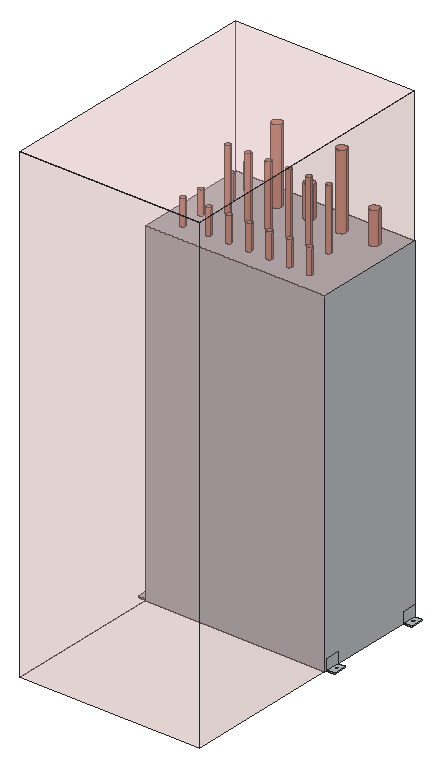
Revit family "CMB-WM500F-AA", category 機械設備, Revit 2016
Family settings
  パーツ タイプ = 標準
  丸型コネクタ寸法 = 半径を使用
  OmniClass 番号 = 23.75.00.00
  OmniClass タイトル = Climate Control (HVAC)
  作業面に基づく = いいえ
  常に垂直 = はい
  ロード時にボイドで切り取り = いいえ
  共有 = いいえ
  部屋の計算ポイント = いいえ
Parameters (values of type "CMB-WM500F-AA_230V_60Hz")
  説明 = "HBC"
  Water piping diameter To Sub HBC(O.D.) = 42.000 mm
  Water piping diameter To Indoor unit(O.D.) = 22.000 mm
  WarrantyStart = ""
  TagNumber = 0
  Space View = yes
  Sound Pressure Level (dB(A)) = 54
  SerialNumber = 0
  ReplacementYear = ""
  モデル = "CMB-WM500F-AA"
  Width = 800.000 mm
  Voltage = 230 V
  Unit Weight (kg) = 209
  URL = "http://www.mitsubishielectric.com/"
  Subcategory = "HVAC"
  Phase = 1
  製造元 = "Mitsubishi Electric Corporation"
  Number of branch = 6
  InstallationDate = ""
  Indoor unit capacity connectable to 1 branch = "Model WP/W/WL80 or smaller (Use optional joint pipe combining 2 branches when the total unit capacity exceeds WP/W/WL80.)"
  Hertz = 60 Hz
  Height = 1500.000 mm
  Heating Power Input (kW) = 1.5
  Heating Current (A) = 6.52
  Field pipe size[W/WP/WL81-100](Max 20m/40m/60m)(I.D.) = "25.2/25.2/32.6"
  Field pipe size[W/WP/WL64-80](Max 20m/40m/60m)(I.D.) = "25.2/25.2/25.2"
  Field pipe size[W/WP/WL51-63](Max 20m/40m/60m)(I.D.) = "19.9/25.2/25.2"
  Field pipe size[W/WP/WL33-50](Max 20m/40m/60m)(I.D.) = "19.9/19.9/19.9"
  Field pipe size[W/WP/WL301-750](Max 20m/40m/60m)(I.D.) = "50.8/50.8/50.8"
  Field pipe size[W/WP/WL26-32](Max 20m/40m/60m)(I.D.) = "15.5/19.9/19.9"
  Field pipe size[W/WP/WL251-300](Max 20m/40m/60m)(I.D.) = "32.6/39.6/50.8"
  Field pipe size[W/WP/WL16-25](Max 20m/40m/60m)(I.D.) = "15.5/15.5/15.5"
  Field pipe size[W/WP/WL151-250](Max 20m/40m/60m)(I.D.) = "32.6/32.6/39.6"
  Field pipe size[W/WP/WL11-15](Max 20m/40m/60m)(I.D.) = "12/12/15.5"
  Field pipe size[W/WP/WL10](Max 20m/40m/60m)(I.D.) = "12/12/12"
  Field pipe size[W/WP/WL101-150](Max 20m/40m/60m)(I.D.) = "32.6/32.6/32.6"
  External Finish = "Galvanized steel plate"
  Equip_description = ""
  Equip_No. = 0
  Equip_ID = ""
  Drain pipe_radius = 13.350 mm
  Description = ""
  Depth = 500.000 mm
  CreatedOn = ""
  CreatedBy = ""
  Cooling Power Input (kW) = 1.5
  Cooling Current (A) = 6.52
  Connection pipe of outdoor/heat source unit to M400/M450/M500(Low press. Pipe)(O.D.) = 28.580 mm
  Connection pipe of outdoor/heat source unit to M400/M450/M500(High press. Pipe)(O.D.) = 19.050 mm
  Connectable Outdoor/Heat source Unit Capacity = "PURY-M400~500YNW-A1(-BS)/PURY-EM400~500YNW-A1(-BS)"
  Category = ""
  Barcode = ""
  AssetIdentifier = ""
Types (6, lengths in mm): name | Voltage | Hertz | Heating Current (A) | Cooling Current (A)
  CMB-WM500F-AA_220V_50Hz | 220 V | 50 Hz | 6.82 | 6.82
  CMB-WM500F-AA_220V_60Hz | 220 V | 60 Hz | 6.82 | 6.82
  CMB-WM500F-AA_230V_50Hz | 230 V | 50 Hz | 6.52 | 6.52
  CMB-WM500F-AA_230V_60Hz | 230 V | 60 Hz | 6.52 | 6.52
  CMB-WM500F-AA_240V_50Hz | 240 V | 50 Hz | 6.25 | 6.25
  CMB-WM500F-AA_240V_60Hz | 240 V | 60 Hz | 6.25 | 6.25
Reference planes
  plane 1 "Center (Front/Back)": y = 0
  plane 2: z = 0
  plane 3 "Center (Left/Right)": x = 0
  plane 4: z = 1500
  plane 5: x = 18.001
  plane 6: x = -1461.999
  plane 7: y = 964.254
  plane 8: y = 1626.254
  plane 9: y = 1626.254
  plane 10: y = 1626.254
  plane 11: y = 226.254
  plane 12: y = -423.746
  plane 13: y = 250
  plane 14: y = -250
  plane 15: y = 149
  plane 16: y = 2
  plane 17: y = -161
  plane 18: x = 300
  plane 19: x = 155
  plane 20: x = 215
  plane 21: x = 260
  plane 22: x = -286
  plane 23: y = 84
  plane 24: y = 174
  plane 25: x = -301
  plane 26: y = -166
  plane 27: y = -66
  plane 28: y = -212
  plane 29: x = -400
  plane 30: x = 400
Forms (mm)
  Extrusion 1, solid, material "Plated steel"
    sketch origin (-719.999, 27.212, 4152.985) x (-1, 0, 0) y (0, -1, 0)
      loop
        line (-1119.999, 277.212) -> (-1119.999, -222.788) -> (-319.999, -222.788) -> (-319.999, 277.212) -> (-1119.999, 277.212)
    from -4152.985 to -2652.985
  Extrusion 2, solid, material "Service space", visible <- "Space View"
    sketch origin (1.445, 1.254, 5670) x (1, 0, 0) y (0, 1, 0)
      loop
        line (398.555, -951.254) -> (398.555, 248.746) -> (-401.445, 248.746) -> (-401.445, -951.254) -> (398.555, -951.254)
    from -5670 to -3570
  Extrusion 3, solid, material "Copper"
    sketch origin (-719.999, 26.712, 1500) x (-1, 0, 0) y (0, -1, 0)
      loop
        circle (-1019.999, -122.288) r 21
      loop
        circle (-729.999, -122.288) r 21
    from 0 to 140
  Extrusion 4, solid, material "Copper"
    sketch origin (-719.999, 26.712, 1500) x (-1, 0, 0) y (0, -1, 0)
      loop
        circle (-874.999, -122.288) r 21
      loop
        circle (-584.999, -122.288) r 21
    from 0 to 330
  Extrusion 5, solid, material "Copper"
    sketch origin (-719.999, 26.212, 1500) x (-1, 0, 0) y (0, -1, 0)
      loop
        circle (-934.999, 24.212) r 11
      loop
        circle (-844.999, 24.212) r 11
      loop
        circle (-754.999, 24.212) r 11
      loop
        circle (-664.999, 24.212) r 11
      loop
        circle (-574.999, 24.212) r 11
      loop
        circle (-484.999, 24.212) r 11
    from 0 to 270
  Extrusion 6, solid, material "Copper"
    sketch origin (-719.999, 27.212, 1500) x (-1, 0, 0) y (0, -1, 0)
      loop
        circle (-979.999, 188.212) r 11
      loop
        circle (-889.999, 188.212) r 11
      loop
        circle (-799.999, 188.212) r 11
      loop
        circle (-709.999, 188.212) r 11
      loop
        circle (-619.999, 188.212) r 11
      loop
        circle (-529.999, 188.212) r 11
    from 0 to 110
  Extrusion 7, solid, material "Copper"
    sketch origin (-719.999, 26.212, 1500) x (-1, 0, 0) y (0, -1, 0)
      loop
        circle (-433.999, -57.788) r 11.1
      loop
        circle (-433.999, -147.788) r 14.3
    from 0 to 105
  Extrusion 8, solid, material "Copper"
    sketch origin (-719.999, 27.212, 1500) x (-1, 0, 0) y (0, -1, 0)
      loop
        circle (-418.999, 93.212) r 11
    from 0 to 100
  Extrusion 9, solid, material "Copper"
    sketch origin (-719.999, 41.212, 1500) x (-1, 0, 0) y (0, -1, 0)
      loop
        circle (-418.999, 207.212) r 11
    from 0 to 110
  Extrusion 10, solid
    sketch origin (0, -212, 329.17) x (0, 0, 1) y (-1, 0, 0)
      loop
        circle (-239.17, 0) r 13.35
    from 0 to -50
  Extrusion 11, solid
    sketch origin (0, -212, 329.17) x (0, 0, 1) y (-1, 0, 0)
      loop
        circle (-239.17, 0) r 13.35
    from 0 to -50
Lines and regions (mm)
  model lines, not visible
    curve 1: line (487.5, -370, 703) -> (492.5, -370, 703)
    curve 2: line (477.5, -370, 363) -> (477.5, -370, 693)
    curve 3: line (492.5, -370, 353) -> (487.5, -370, 353)
    curve 4: line (502.5, -370, 693) -> (502.5, -370, 363)
    curve 5: arc (487.5, -370, 703) -> (480.429, -370, 700.071) -> (477.5, -370, 693) r 10
    curve 6: arc (492.5, -370, 703) -> (499.571, -370, 700.071) -> (502.5, -370, 693) r 10
    curve 7: arc (502.5, -370, 363) -> (499.571, -370, 355.929) -> (492.5, -370, 353) r 10
    curve 8: arc (477.5, -370, 363) -> (480.429, -370, 355.929) -> (487.5, -370, 353) r 10
Dimensions and locks
  Extrusion 1 sketch curve to Extrusion 1 sketch curve = 800.000 mm  (x2)
  Extrusion 1 sketch curve to Extrusion 1 sketch curve = 500.000 mm
  Extrusion 2 sketch curve to Extrusion 1 = 0.000 mm
  Extrusion 1 to Extrusion 2 = 800.000 mm
  Extrusion 1 to Extrusion 1 = 800.000 mm  (x2)
  Extrusion 1 to nested 1 = 36.000 mm
  nested 2 to nested 1 = 428.000 mm
  Extrusion 1 to Extrusion 1 = 500.000 mm  (x2)
  plane 15 to Extrusion 1 = 399.000 mm
  plane 16 to Extrusion 1 = 252.000 mm
  plane 17 to Extrusion 1 = 89.000 mm
  plane 18 to Extrusion 2 = 100.000 mm
  plane 19 to plane 18 = 145.000 mm
  plane 20 to Extrusion 2 = 185.000 mm
  plane 21 to Extrusion 2 = 140.000 mm
  plane 22 to Extrusion 1 = 686.000 mm
  plane 23 to Extrusion 1 = 334.000 mm
  Extrusion 1 to plane 24 = 424.000 mm
  plane 25 to Extrusion 2 = 701.000 mm
  Extrusion 1 to plane 26 = 84.000 mm
  plane 27 to Extrusion 1 = 184.000 mm
  Extrusion 2 to nested 1 = 38.000 mm
  nested 3 to nested 1 = 876.000 mm
  nested 1 to nested 3 = 846.000 mm
  equal spacing: plane 14, plane 1 "Center (Front/Back)", plane 13
  nested 1 to nested 1 = 15.000 mm
  level to plane 4 = 1500.000 mm
  plane 4 to Extrusion 2 = 600.000 mm
  plane 4 to Extrusion 4 = 330.000 mm
  Extrusion 1 to nested 3 = 36.000 mm
  nested 3 to nested 4 = 428.000 mm
  diameter of Extrusion 10 sketch curve = 26.700 mm
  diameter of Extrusion 11 sketch curve = 26.700 mm
  aligned and locked: level to plane 2
Automatic sketch dimensions
  plane 14 to Extrusion 1 sketch curve = 0.000 mm
  Extrusion 1 sketch curve to plane 30 = 0.000 mm
  plane 13 to Extrusion 2 sketch curve = 0.000 mm
  Extrusion 2 sketch curve to plane 30 = 0.000 mm
  Extrusion 2 sketch curve to plane 12 = 526.254 mm
  Extrusion 3 sketch curve to Extrusion 1 = 100.000 mm
  Extrusion 3 sketch curve to Extrusion 1 = 101.000 mm  (x2)
  Extrusion 3 sketch curve to Extrusion 3 sketch curve = 290.000 mm
  Extrusion 4 sketch curve to Extrusion 1 = 101.000 mm  (x2)
  Extrusion 4 sketch curve to Extrusion 1 = 245.000 mm
  Extrusion 4 sketch curve to Extrusion 1 = 265.000 mm
  Extrusion 5 sketch curve to Extrusion 1 = 185.000 mm
  Extrusion 5 sketch curve to Extrusion 5 sketch curve = 90.000 mm  (x5)
  Extrusion 5 sketch curve to Extrusion 1 = 248.000 mm
  Extrusion 5 sketch curve to Extrusion 5 sketch curve = 0.000 mm  (x5)
  Extrusion 6 sketch curve to Extrusion 1 = 140.000 mm
  Extrusion 6 sketch curve to Extrusion 6 sketch curve = 90.000 mm  (x5)
  Extrusion 6 sketch curve to Extrusion 1 = 89.000 mm  (x6)
  Extrusion 7 sketch curve to Extrusion 1 = 114.000 mm
  Extrusion 7 sketch curve to Extrusion 7 sketch curve = 0.000 mm
  Extrusion 7 sketch curve to Extrusion 1 = 76.000 mm
  Extrusion 7 sketch curve to Extrusion 7 sketch curve = 90.000 mm
  Extrusion 8 sketch curve to Extrusion 1 = 99.000 mm
  Extrusion 8 sketch curve to Extrusion 1 = 184.000 mm
  Extrusion 9 sketch curve to Extrusion 1 = 99.000 mm
  Extrusion 9 sketch curve to Extrusion 1 = 84.000 mm
  Extrusion 10 sketch curve to plane 3 "Center (Left/Right)" = 0.000 mm
  level to Extrusion 10 sketch curve = 90.000 mm
  Extrusion 11 sketch curve to plane 3 "Center (Left/Right)" = 0.000 mm
  level to Extrusion 11 sketch curve = 90.000 mm
  radius of Extrusion 3 sketch curve = 21.000 mm  (x2)
  radius of Extrusion 4 sketch curve = 21.000 mm  (x2)
  radius of Extrusion 5 sketch curve = 11.000 mm  (x6)
  radius of Extrusion 6 sketch curve = 11.000 mm  (x6)
  radius of Extrusion 7 sketch curve = 11.100 mm
  radius of Extrusion 7 sketch curve = 14.300 mm
  radius of Extrusion 8 sketch curve = 11.000 mm
  radius of Extrusion 9 sketch curve = 11.000 mm
Nested families
  nested 1: "Leg_分コン縦置き" at (415, -214, 0) x (0, 1, 0) z (0, 0, 1), type "Leg_分コン縦置き"
  nested 2: "Leg_分コン縦置き" at (415, 214, 0) x (0, 1, 0) z (0, 0, 1), type "Leg_分コン縦置き"
  nested 3: "Leg_分コン縦置き" at (-415, -214, 0) x (0, 1, 0) z (0, 0, 1), type "Leg_分コン縦置き"
  nested 4: "Leg_分コン縦置き" at (-415, 214, 0) x (0, 1, 0) z (0, 0, 1), type "Leg_分コン縦置き"
Connectors
  piping at (260, -161, 1610), diameter 22
    settings: on Extrusion 6, index 56, connector inside diameter 609.6 mm, connector length 0.000 mm, flow factor 0, pipe flow 0.0 L/s, pressure drop 0.0 Pa, fitting loss kfactor 0, connector angle 0.00°, fixture units 0, engagement length 0.000 mm, angle of deflection 0.00°, flow configuration 0, flow direction 0, fitting loss method 0, system type 22, joint type 0, gender type 0, connector reference index -1, connector utility 0, adjustable connector no, is connector primary yes, connector description "Connection pipe from indoor unit"
  piping at (170, -161, 1610), diameter 22
    settings: on Extrusion 6, index 57, connector inside diameter 609.6 mm, connector length 0.000 mm, flow factor 0, pipe flow 0.0 L/s, pressure drop 0.0 Pa, fitting loss kfactor 0, connector angle 0.00°, fixture units 0, engagement length 0.000 mm, angle of deflection 0.00°, flow configuration 0, flow direction 0, fitting loss method 0, system type 22, joint type 0, gender type 0, connector reference index -1, connector utility 0, adjustable connector no, is connector primary no, connector description "Connection pipe from indoor unit"
  piping at (80, -161, 1610), diameter 22
    settings: on Extrusion 6, index 58, connector inside diameter 609.6 mm, connector length 0.000 mm, flow factor 0, pipe flow 0.0 L/s, pressure drop 0.0 Pa, fitting loss kfactor 0, connector angle 0.00°, fixture units 0, engagement length 0.000 mm, angle of deflection 0.00°, flow configuration 0, flow direction 0, fitting loss method 0, system type 22, joint type 0, gender type 0, connector reference index -1, connector utility 0, adjustable connector no, is connector primary no, connector description "Connection pipe from indoor unit"
  piping at (-10, -161, 1610), diameter 22
    settings: on Extrusion 6, index 59, connector inside diameter 609.6 mm, connector length 0.000 mm, flow factor 0, pipe flow 0.0 L/s, pressure drop 0.0 Pa, fitting loss kfactor 0, connector angle 0.00°, fixture units 0, engagement length 0.000 mm, angle of deflection 0.00°, flow configuration 0, flow direction 0, fitting loss method 0, system type 22, joint type 0, gender type 0, connector reference index -1, connector utility 0, adjustable connector no, is connector primary no, connector description "Connection pipe from indoor unit"
  piping at (-100, -161, 1610), diameter 22
    settings: on Extrusion 6, index 60, connector inside diameter 609.6 mm, connector length 0.000 mm, flow factor 0, pipe flow 0.0 L/s, pressure drop 0.0 Pa, fitting loss kfactor 0, connector angle 0.00°, fixture units 0, engagement length 0.000 mm, angle of deflection 0.00°, flow configuration 0, flow direction 0, fitting loss method 0, system type 22, joint type 0, gender type 0, connector reference index -1, connector utility 0, adjustable connector no, is connector primary no, connector description "Connection pipe from indoor unit"
  piping at (-190, -161, 1610), diameter 22
    settings: on Extrusion 6, index 61, connector inside diameter 609.6 mm, connector length 0.000 mm, flow factor 0, pipe flow 0.0 L/s, pressure drop 0.0 Pa, fitting loss kfactor 0, connector angle 0.00°, fixture units 0, engagement length 0.000 mm, angle of deflection 0.00°, flow configuration 0, flow direction 0, fitting loss method 0, system type 22, joint type 0, gender type 0, connector reference index -1, connector utility 0, adjustable connector no, is connector primary no, connector description "Connection pipe from indoor unit"
  piping at (215, 2, 1770), diameter 22
    settings: on Extrusion 5, index 62, connector inside diameter 609.6 mm, connector length 0.000 mm, flow factor 0, pipe flow 0.0 L/s, pressure drop 0.0 Pa, fitting loss kfactor 0, connector angle 0.00°, fixture units 0, engagement length 0.000 mm, angle of deflection 0.00°, flow configuration 0, flow direction 0, fitting loss method 0, system type 22, joint type 0, gender type 0, connector reference index -1, connector utility 0, adjustable connector no, is connector primary no, connector description "Connection pipe to indoor unit"
  piping at (125, 2, 1770), diameter 22
    settings: on Extrusion 5, index 63, connector inside diameter 609.6 mm, connector length 0.000 mm, flow factor 0, pipe flow 0.0 L/s, pressure drop 0.0 Pa, fitting loss kfactor 0, connector angle 0.00°, fixture units 0, engagement length 0.000 mm, angle of deflection 0.00°, flow configuration 0, flow direction 0, fitting loss method 0, system type 22, joint type 0, gender type 0, connector reference index -1, connector utility 0, adjustable connector no, is connector primary no, connector description "Connection pipe to indoor unit"
  piping at (35, 2, 1770), diameter 22
    settings: on Extrusion 5, index 64, connector inside diameter 609.6 mm, connector length 0.000 mm, flow factor 0, pipe flow 0.0 L/s, pressure drop 0.0 Pa, fitting loss kfactor 0, connector angle 0.00°, fixture units 0, engagement length 0.000 mm, angle of deflection 0.00°, flow configuration 0, flow direction 0, fitting loss method 0, system type 22, joint type 0, gender type 0, connector reference index -1, connector utility 0, adjustable connector no, is connector primary no, connector description "Connection pipe to indoor unit"
  piping at (-55, 2, 1770), diameter 22
    settings: on Extrusion 5, index 65, connector inside diameter 609.6 mm, connector length 0.000 mm, flow factor 0, pipe flow 0.0 L/s, pressure drop 0.0 Pa, fitting loss kfactor 0, connector angle 0.00°, fixture units 0, engagement length 0.000 mm, angle of deflection 0.00°, flow configuration 0, flow direction 0, fitting loss method 0, system type 22, joint type 0, gender type 0, connector reference index -1, connector utility 0, adjustable connector no, is connector primary no, connector description "Connection pipe to indoor unit"
  piping at (-145, 2, 1770), diameter 22
    settings: on Extrusion 5, index 66, connector inside diameter 609.6 mm, connector length 0.000 mm, flow factor 0, pipe flow 0.0 L/s, pressure drop 0.0 Pa, fitting loss kfactor 0, connector angle 0.00°, fixture units 0, engagement length 0.000 mm, angle of deflection 0.00°, flow configuration 0, flow direction 0, fitting loss method 0, system type 22, joint type 0, gender type 0, connector reference index -1, connector utility 0, adjustable connector no, is connector primary no, connector description "Connection pipe to indoor unit"
  piping at (-235, 2, 1770), diameter 22
    settings: on Extrusion 5, index 67, connector inside diameter 609.6 mm, connector length 0.000 mm, flow factor 0, pipe flow 0.0 L/s, pressure drop 0.0 Pa, fitting loss kfactor 0, connector angle 0.00°, fixture units 0, engagement length 0.000 mm, angle of deflection 0.00°, flow configuration 0, flow direction 0, fitting loss method 0, system type 22, joint type 0, gender type 0, connector reference index -1, connector utility 0, adjustable connector no, is connector primary no, connector description "Connection pipe to indoor unit"
  piping at (300, 149, 1640), diameter 42
    settings: on Extrusion 3, index 68, connector inside diameter 609.6 mm, connector length 0.000 mm, flow factor 0, pipe flow 0.0 L/s, pressure drop 0.0 Pa, fitting loss kfactor 0, connector angle 0.00°, fixture units 0, engagement length 0.000 mm, angle of deflection 0.00°, flow configuration 0, flow direction 0, fitting loss method 0, system type 22, joint type 0, gender type 0, connector reference index -1, connector utility 0, adjustable connector no, is connector primary no, connector description "Connection pipe from SUB HBC"
  piping at (155, 149, 1830), diameter 42
    settings: on Extrusion 4, index 69, connector inside diameter 609.6 mm, connector length 0.000 mm, flow factor 0, pipe flow 0.0 L/s, pressure drop 0.0 Pa, fitting loss kfactor 0, connector angle 0.00°, fixture units 0, engagement length 0.000 mm, angle of deflection 0.00°, flow configuration 0, flow direction 0, fitting loss method 0, system type 22, joint type 0, gender type 0, connector reference index -1, connector utility 0, adjustable connector no, is connector primary no, connector description "Connection pipe to SUB HBC"
  piping at (10, 149, 1640), diameter 42
    settings: on Extrusion 3, index 70, connector inside diameter 609.6 mm, connector length 0.000 mm, flow factor 0, pipe flow 0.0 L/s, pressure drop 0.0 Pa, fitting loss kfactor 0, connector angle 0.00°, fixture units 0, engagement length 0.000 mm, angle of deflection 0.00°, flow configuration 0, flow direction 0, fitting loss method 0, system type 22, joint type 0, gender type 0, connector reference index -1, connector utility 0, adjustable connector no, is connector primary no, connector description "Connection pipe to SUB HBC"
  piping at (-135, 149, 1830), diameter 42
    settings: on Extrusion 4, index 71, connector inside diameter 609.6 mm, connector length 0.000 mm, flow factor 0, pipe flow 0.0 L/s, pressure drop 0.0 Pa, fitting loss kfactor 0, connector angle 0.00°, fixture units 0, engagement length 0.000 mm, angle of deflection 0.00°, flow configuration 0, flow direction 0, fitting loss method 0, system type 22, joint type 0, gender type 0, connector reference index -1, connector utility 0, adjustable connector no, is connector primary no, connector description "Connection pipe from SUB HBC"
  piping at (-301, -66, 1600), diameter 22
    settings: on Extrusion 8, index 72, connector inside diameter 609.6 mm, connector length 0.000 mm, flow factor 0, pipe flow 0.0 L/s, pressure drop 0.0 Pa, fitting loss kfactor 0, connector angle 0.00°, fixture units 0, engagement length 0.000 mm, angle of deflection 0.00°, flow configuration 0, flow direction 0, fitting loss method 0, system type 22, joint type 0, gender type 0, connector reference index -1, connector utility 0, adjustable connector no, is connector primary no, connector description "Water pipe(Expansion Vessel)"
  piping at (-301, -166, 1610), diameter 22
    settings: on Extrusion 9, index 73, connector inside diameter 609.6 mm, connector length 0.000 mm, flow factor 0, pipe flow 0.0 L/s, pressure drop 0.0 Pa, fitting loss kfactor 0, connector angle 0.00°, fixture units 0, engagement length 0.000 mm, angle of deflection 0.00°, flow configuration 0, flow direction 0, fitting loss method 0, system type 22, joint type 0, gender type 0, connector reference index -1, connector utility 0, adjustable connector no, is connector primary no, connector description "Water pipe(Inlet)"
  piping at (-286, 174, 1605), diameter 28.6
    settings: on Extrusion 7, index 74, connector inside diameter 609.6 mm, connector length 0.000 mm, flow factor 0, pipe flow 0.0 L/s, pressure drop 0.0 Pa, fitting loss kfactor 0, connector angle 0.00°, fixture units 0, engagement length 0.000 mm, angle of deflection 0.00°, flow configuration 0, flow direction 0, fitting loss method 0, system type 22, joint type 0, gender type 0, connector reference index -1, connector utility 0, adjustable connector no, is connector primary no, connector description "(Low pressure) Connection pipe of outdoor/heat source unit"
  piping at (-286, 84, 1605), diameter 22.2
    settings: on Extrusion 7, index 75, connector inside diameter 609.6 mm, connector length 0.000 mm, flow factor 0, pipe flow 0.0 L/s, pressure drop 0.0 Pa, fitting loss kfactor 0, connector angle 0.00°, fixture units 0, engagement length 0.000 mm, angle of deflection 0.00°, flow configuration 0, flow direction 0, fitting loss method 0, system type 22, joint type 0, gender type 0, connector reference index -1, connector utility 0, adjustable connector no, is connector primary no, connector description "(High pressure) Connection pipe of outdoor/heat source unit"
  piping at (0, -212, 90), diameter 26.7
    settings: on Extrusion 10, index 76, connector inside diameter 609.6 mm, connector length 0.000 mm, flow factor 0, pipe flow 0.0 L/s, pressure drop 0.0 Pa, fitting loss kfactor 0, connector angle 0.00°, fixture units 0, engagement length 0.000 mm, angle of deflection 0.00°, flow configuration 0, flow direction 2, fitting loss method 0, system type 22, joint type 0, gender type 0, connector reference index -1, connector utility 0, adjustable connector no, is connector primary no, connector description "drain pipe"
  electrical at (0, -250, 750), driven by "Phase", driven by "Voltage"
    settings: on Extrusion 1, index 77, voltage 230 V, apparent load 0 VA, apparent load phase1 0 VA, apparent load phase2 0 VA, apparent load phase3 0 VA, power factor 1, load classification "その他", number of poles 1, system type 30, power factor state 1, is connector primary yes, connector utility no, sub classification motor no, connector description ""
Definition of nested family "Leg_分コン縦置き"
  Parameters (values of type "Leg_分コン縦置き")
    Assembly Code = ""
  Reference planes
    plane 1: z = 0
    plane 2 "中心(左/右)": x = 0
    plane 3: x = 30
    plane 4: x = -30
    plane 5: y = -23
    plane 6: y = 27
    plane 7: y = 15
    plane 8: y = -20.7
    plane 9: y = 24.7
    plane 10: z = -12
    plane 11: z = -40.7
    plane 12: z = -2.3
    plane 13: z = -20
    plane 14: z = -38
    plane 15: x = 10
    plane 16: x = -10
  Forms (mm)
    Extrusion 1, solid
      sketch origin (0, 0, 0) x (1, 0, 0) y (0, 1, 0)
        loop
          line (-30, 15) -> (-30, -23) -> (30, -23) -> (30, 15) -> (-30, 15)
      from 0 to 50
    Extrusion 2, void
      sketch origin (30, 15, 0) x (0, 1, 0) y (0, 0, -1)
        loop
          line (-38, -50) -> (-4.5, -50) -> (-4.5, -4.5) -> (-38, -4.5) -> (-38, -50)
      from 0 to 60
    Extrusion 3, void
      sketch origin (0, 0, 0) x (1, 0, 0) y (0, 1, 0)
        loop
          circle (0, -8) r 5
      from 0 to 250
    Extrusion 4, void
      sketch origin (30, 10.5, 4.5) x (1, 0, 0) y (0, -1, 0)
        loop
          line (0, 28.5) -> (0, 33.5) -> (-5, 33.5) -> (0, 28.5)
        loop
          line (-55, 33.5) -> (-60, 33.5) -> (-60, 28.5) -> (-55, 33.5)
      from 0 to 4.5
  Cuts and joins
    Extrusion 2, Extrusion 3, Extrusion 4 cuts Extrusion 1
  Dimensions and locks
    equal spacing: plane 4, plane 2 "中心(左/右)", plane 3
    plane 4 to plane 3 = 60.000 mm
    plane 5 to plane 7 = 38.000 mm  (x2)
    Extrusion 1 to Extrusion 2 sketch curve = 4.500 mm  (x2)
    aligned and locked: level to plane 1
  Automatic sketch dimensions
    Extrusion 1 sketch curve to plane 4 = 0.000 mm
    Extrusion 1 sketch curve to plane 3 = 0.000 mm
    plane 5 to Extrusion 1 sketch curve = 0.000 mm
    plane 7 to Extrusion 1 sketch curve = 0.000 mm
    Extrusion 2 sketch curve to Extrusion 1 = 0.000 mm  (x2)
    Extrusion 3 sketch curve to plane 2 "中心(左/右)" = 0.000 mm
    Extrusion 4 sketch curve to Extrusion 2 = 0.000 mm  (x3)
    Extrusion 2 to Extrusion 4 sketch curve = 0.000 mm
    Extrusion 2 to Extrusion 4 sketch curve = 5.000 mm
    Extrusion 4 sketch curve to Extrusion 2 = 5.000 mm  (x2)
    Extrusion 4 sketch curve to Extrusion 4 sketch curve = 5.000 mm
    plane 8 to Extrusion 3 sketch curve = 12.700 mm
    radius of Extrusion 3 sketch curve = 5.000 mm
